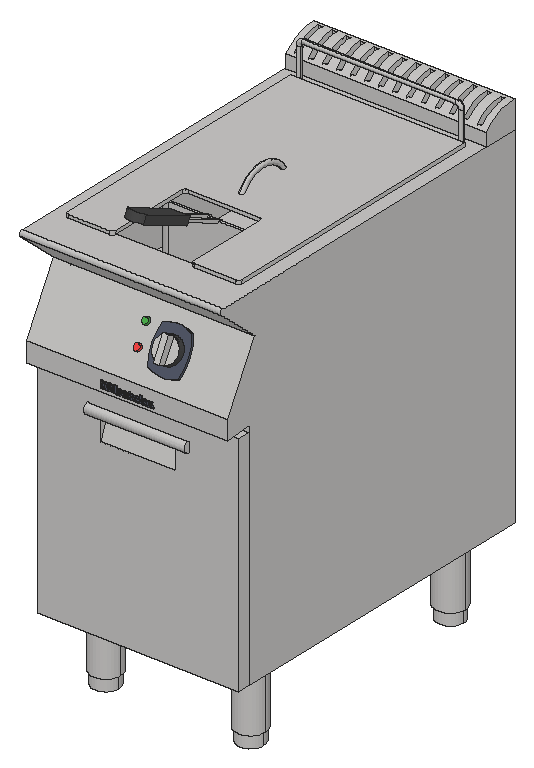
Revit family "QF_ELECTROLUXPROFESSIONAL_371077_E7FRED1BF0", category Specialty Equipment, Revit 2018
Family settings
  Round Connector Dimension = Use Diameter
  Part Type = Normal
  Work Plane-Based = No
  Always vertical = Yes
  Cut with Voids When Loaded = No
  Shared = No
  Room Calculation Point = No
Parameters
  Width = 400 mm  # constant formula
  Weight in Pounds = 88  # constant formula
  Watts = 5400 VA  # 5400 W
  Volts = 400 V  # constant formula
  URL Cutsheet = "www.electrolux.com/foodservice"
  URL = "www.electrolux.com/foodservice"
  Type Mark [instance] = ""
  Status [instance] = ""
  Specification by User [instance] = ""
  Specification by Manufacturer = ""
  Show Logo [instance] = yes
  Show Clearance [instance] = yes
  Serial Number = ""
  Seismic Rating = ""
  SMACNA No = ""
  Revision Code [instance] = ""
  Phase = 3
  Omniclass Number and Title = ""
  Number of Poles [instance] = 1
  NAFEM Spec ID Number = ""
  Model = "371077"
  Min Ckt Ampacity = 0 A
  Max Overcurrent Protection = 0 A
  Masterspec = ""
  Manufacturer = "ELECTROLUX"
  Item Number [instance] = ""
  Installed By [instance] = ""
  Identify Quantity as Lot [instance] = yes
  Height = 333 mm  # constant formula
  HP = "7.2 HP"
  Furnished By [instance] = ""
  Foodservice Equipment Identifier [instance] = yes
  FL Amps = if(Phase = 3, Watts / (Volts * 1.73), Watts / Volts)  # 7.80347 A
  Electrical Remarks [instance] = "400 V/3N ph/50/60 Hz"  # constant formula
  Electric Connection Type [instance] = ""
  Elec Conn RI Height [instance] = 0 mm
  Elec Conn Connection Height [instance] = 0 mm
  Direct Waste Size = 0"
  Description = "700XP One 7 Lt. Well Freestanding Electric Fryer - 400V"
  Depth = 730 mm  # constant formula
  Cycle = if([60 Hertz Option], 60 Hz, 50 Hz)  # 60 Hz
  Conn Plug = ""
  Conn Conduit = yes
  CSI MasterFormat = ""
  CSI Master Format = ""
  Base Height [instance] = 150 mm  # constant formula
  Apparent Power = if(Phase = 3, Volts * FL Amps * 1.73, Volts * FL Amps)  # 5400 VA
  60 Hertz Option = not([50 Hertz Option])  # yes
  50 Hertz Option = no
Reference planes
  plane 1 "BACK": y = 0
  plane 2: z = 0
  plane 3 "LEFT": x = 0
  plane 4 "RIGHT": x = 400
  plane 5 "FRONT": y = -730
  plane 6 "TOP": z = 905.238
  plane 7 "Center Y": x = 200
  plane 8 "Center X": y = -365
  plane 9 "BASE": z = 601
  plane 10 "TOP A": z = 850.238
  plane 11: y = -587.387
  plane 12: y = -90
  plane 13: z = 150
Forms (mm)
  Extrusion 1, solid, material "QF_Finishes_Stainless Steel"
    sketch origin (0, 0, 0) x (0, 1, 0) y (0, 0, 1)
      loop
        line (0, 850.237) -> (-725.027, 850.237)
        arc (-725.027, 850.237) -> (-730.893, 846.318) -> (-729.517, 839.397) r 6.35
        line (-729.517, 839.397) -> (-646.919, 767.047) -> (-713.522, 646.19) -> (-713.522, 608.09) -> (-660.15, 613.7) -> (-660.15, 150) -> (0, 150) -> (0, 850.237)
      loop
        line (-687.137, 601) -> (-687.137, 150) -> (-661.737, 150) -> (-661.737, 601) -> (-687.137, 601)
    from 0 to 400
  Extrusion 2, solid, material "QF_Finishes_Stainless Steel"
    sketch origin (0, 0, 0) x (0, 1, 0) y (0, 0, 1)
      loop
        line (0, 850.238) -> (0, 905.237)
        arc (0, 905.237) -> (-38.078, 897.879) -> (-69.85, 875.637) r 93.057
        line (-69.85, 875.637) -> (-69.85, 850.238) -> (0, 850.238)
    from 0 to 400
  Extrusion 3, void
    sketch origin (0, 0, 850.238) x (-1, 0, 0) y (0, -1, 0)
      loop
        line (-33.338, 90.124) -> (-33.338, 645.265) -> (-366.662, 645.265) -> (-366.662, 90.124) -> (-33.338, 90.124)
    from 0 to -152.4
  Extrusion 4, solid, material "QF_Finishes_Stainless Steel"
    sketch origin (0, 0, 850.238) x (-1, 0, 0) y (0, -1, 0)
      loop
        arc (-26.988, 645.265) -> (-28.847, 649.755) -> (-33.338, 651.615) r 6.35
        line (-33.338, 651.615) -> (-115.863, 651.615)
        arc (-115.863, 651.615) -> (-120.353, 649.755) -> (-122.213, 645.265) r 6.35
        line (-122.213, 645.265) -> (-122.213, 481.012)
        arc (-122.213, 481.012) -> (-124.072, 476.521) -> (-128.563, 474.662) r 6.35
        line (-128.563, 474.662) -> (-271.437, 474.662)
        arc (-271.437, 474.662) -> (-275.928, 476.521) -> (-277.787, 481.012) r 6.35
        line (-277.787, 481.012) -> (-277.787, 645.29)
        arc (-277.787, 645.29) -> (-279.64, 649.762) -> (-284.112, 651.615) r 6.325
        line (-284.112, 651.615) -> (-366.662, 651.615)
        arc (-366.662, 651.615) -> (-371.153, 649.755) -> (-373.013, 645.265) r 6.35
        line (-373.013, 645.265) -> (-373.013, 90.124) -> (-26.988, 90.124) -> (-26.988, 645.265)
    from 0 to 6.35
  Sweep 5, solid, material "QF_Finishes_Stainless Steel"
    path origin (200, 0, 0) x (0, 1, 0) y (0, 0, 1)
      loop
        arc (-323.261, 850.238) -> (-377.7, 884.016) -> (-432.139, 850.238) r 60.757
    profile origin (200, -377.7, 884.016) x (0, 0, -1) y (1, 0, 0)
      loop
        circle (0, 0) r 4.353
  Sweep 6, solid, material "QF_Finishes_Stainless Steel"
    path origin (0, 0, 0) x (1, 0, 0) y (0, 0, 1)
      loop
        line (39.688, 846.5) -> (39.688, 911.588)
        arc (39.688, 911.588) -> (41.547, 916.078) -> (46.038, 917.938) r 6.35
        line (46.038, 917.938) -> (352.225, 917.938)
        arc (352.225, 917.938) -> (356.715, 916.078) -> (358.575, 911.588) r 6.35
        line (358.575, 911.588) -> (358.575, 846.5)
    profile origin (39.688, 0, 879.044) x (-1, 0, 0) y (0, -1, 0)
      loop
        circle (2.09, 83.254) r 3.827
  Extrusion 7, void
    sketch origin (0, 0, 850.238) x (-1, 0, 0) y (0, -1, 0)
      loop
        line (-13.453, 6.761) -> (-13.453, 63.911) -> (-22.749, 63.911) -> (-22.749, 6.761) -> (-13.453, 6.761)
    from 25.4 to 63.5
  Extrusion 8, void
    sketch origin (400.05, 0, 850.237) x (1, 0, 0) y (0, 1, 0)
      loop
        line (-13.503, -6.761) -> (-22.799, -6.761) -> (-22.799, -63.911) -> (-13.503, -63.911) -> (-13.503, -6.761)
    from 25.4 to 63.5
  Extrusion 9, void
    sketch origin (27.988, 0, 850.238) x (-1, 0, 0) y (0, -1, 0)
      loop
        line (-13.453, 6.761) -> (-13.453, 63.911) -> (-22.749, 63.911) -> (-22.749, 6.761) -> (-13.453, 6.761)
    from 25.4 to 63.5
  Extrusion 10, void
    sketch origin (55.977, 0, 850.238) x (-1, 0, 0) y (0, -1, 0)
      loop
        line (-13.453, 6.761) -> (-13.453, 63.911) -> (-22.749, 63.911) -> (-22.749, 6.761) -> (-13.453, 6.761)
    from 25.4 to 63.5
  Extrusion 11, void
    sketch origin (83.965, 0, 850.238) x (-1, 0, 0) y (0, -1, 0)
      loop
        line (-13.428, 6.761) -> (-13.428, 63.911) -> (-22.724, 63.911) -> (-22.724, 6.761) -> (-13.428, 6.761)
    from 25.4 to 63.5
  Extrusion 12, void
    sketch origin (111.953, 0, 850.237) x (-1, 0, 0) y (0, -1, 0)
      loop
        line (-13.428, 6.761) -> (-13.428, 63.911) -> (-22.724, 63.911) -> (-22.724, 6.761) -> (-13.428, 6.761)
    from 25.4 to 63.5
  Extrusion 13, void
    sketch origin (139.942, 0, 850.237) x (-1, 0, 0) y (0, -1, 0)
      loop
        line (-13.428, 6.761) -> (-13.428, 63.911) -> (-22.724, 63.911) -> (-22.724, 6.761) -> (-13.428, 6.761)
    from 25.4 to 63.5
  Extrusion 14, void
    sketch origin (167.93, 0, 850.237) x (-1, 0, 0) y (0, -1, 0)
      loop
        line (-13.428, 6.761) -> (-13.428, 63.911) -> (-22.724, 63.911) -> (-22.724, 6.761) -> (-13.428, 6.761)
    from 25.4 to 63.5
  Extrusion 15, void
    sketch origin (195.918, 0, 850.237) x (-1, 0, 0) y (0, -1, 0)
      loop
        line (-13.428, 6.761) -> (-13.428, 63.911) -> (-22.724, 63.911) -> (-22.724, 6.761) -> (-13.428, 6.761)
    from 25.4 to 63.5
  Extrusion 16, void
    sketch origin (223.907, 0, 850.237) x (-1, 0, 0) y (0, -1, 0)
      loop
        line (-13.428, 6.761) -> (-13.428, 63.911) -> (-22.724, 63.911) -> (-22.724, 6.761) -> (-13.428, 6.761)
    from 25.4 to 63.5
  Extrusion 17, void
    sketch origin (251.895, 0, 850.237) x (-1, 0, 0) y (0, -1, 0)
      loop
        line (-13.428, 6.761) -> (-13.428, 63.911) -> (-22.724, 63.911) -> (-22.724, 6.761) -> (-13.428, 6.761)
    from 25.4 to 63.5
  Extrusion 18, void
    sketch origin (279.884, 0, 850.237) x (-1, 0, 0) y (0, -1, 0)
      loop
        line (-13.403, 6.761) -> (-13.403, 63.911) -> (-22.699, 63.911) -> (-22.699, 6.761) -> (-13.403, 6.761)
    from 25.4 to 63.5
  Extrusion 19, void
    sketch origin (307.872, 0, 850.237) x (-1, 0, 0) y (0, -1, 0)
      loop
        line (-13.403, 6.761) -> (-13.403, 63.911) -> (-22.699, 63.911) -> (-22.699, 6.761) -> (-13.403, 6.761)
    from 25.4 to 63.5
  Extrusion 20, void
    sketch origin (335.86, 0, 850.237) x (-1, 0, 0) y (0, -1, 0)
      loop
        line (-13.403, 6.761) -> (-13.403, 63.911) -> (-22.699, 63.911) -> (-22.699, 6.761) -> (-13.403, 6.761)
    from 25.4 to 63.5
  Extrusion 21, solid, material "QF_Finishes_Navy Blue"
    sketch origin (99.675, -713.522, 646.19) x (0, 0.482654, 0.875811) y (-1, 0, 0)
      loop
        arc (105.826, -132.614) -> (68.798, -123.683) -> (31.333, -130.552) r 91.794
        arc (31.333, -130.552) -> (24.218, -161.14) -> (31.333, -191.729) r 69.309
        arc (31.333, -191.729) -> (68.788, -198.45) -> (105.826, -189.715) r 93.659
        arc (105.826, -189.715) -> (112.066, -161.165) -> (105.826, -132.614) r 68.434
    from 0 to 3.175
  Extrusion 22, solid, material "QF_Finishes_Stainless Steel"
    sketch origin (99.675, -716.303, 647.723) x (0, 0.482654, 0.875811) y (-1, 0, 0)
      loop
        circle (68.826, -160.963) r 25.4
    from 0 to 12.7
  Extrusion 23, solid, material "QF_Finishes_Stainless Steel"
    sketch origin (99.675, -727.425, 653.853) x (0, 0.482654, 0.875811) y (-1, 0, 0)
      loop
        arc (93.558, -166.749) -> (94.226, -160.963) -> (93.558, -155.177) r 25.4
        line (93.558, -155.177) -> (44.094, -155.177)
        arc (44.094, -155.177) -> (43.426, -160.963) -> (44.094, -166.749) r 25.4
        line (44.094, -166.749) -> (93.558, -166.749)
    from 0 to 12.7
  Extrusion 24, solid, material "QF_Finishes_Green"
    sketch origin (39.327, -713.522, 646.19) x (0, 0.482654, 0.875811) y (-1, 0, 0)
      loop
        circle (98.315, -160.648) r 6.35
    from 0 to 3.175
  Extrusion 25, solid, material "QF_Finishes_Red"
    sketch origin (39.327, -720.158, 634.148) x (0, 0.482654, 0.875811) y (-1, 0, 0)
      loop
        circle (68.272, -160.648) r 6.35
    from 0 to 3.175
  Extrusion 26, solid, material "QF_Finishes_Clearance", visible <- "Show Clearance", detail levels coarse
    sketch origin (0, 0, 0) x (1, 0, 0) y (0, 1, 0)
      loop
        line (0, -731.377) -> (0, 0) -> (400, 0) -> (400, -731.377) -> (550.019, -731.377) -> (550.019, 150.019) -> (-150.019, 150.019) -> (-150.019, -731.377) -> (0, -731.377)
    from 0 to 905.237
  Extrusion 27, solid, material "QF_Finishes_Black"
    sketch origin (265.962, -698.333, 942.26) x (0, 0.906308, -0.422618) y (-1, 0, 0)
      loop
        line (10.103, 47.345) -> (128.716, 47.345) -> (128.716, 84.58) -> (10.103, 84.58)
        arc (10.103, 84.58) -> (-0.124, 65.962) -> (10.103, 47.345) r 22.059
    from -15.884 to 0
  Extrusion 28, solid, material "QF_Finishes_Stainless Steel"
    sketch origin (265.962, 41.275, 0) x (0, 1, 0) y (0, 0, 1)
      loop
        line (-537.413, 741.238) -> (-537.413, 842.715) -> (-624.966, 883.542) -> (-627.65, 877.787) -> (-543.763, 838.67) -> (-543.763, 741.238) -> (-537.413, 741.238)
    from -80.476 to -74.619
  Extrusion 29, solid, material "QF_Finishes_Stainless Steel"
    sketch origin (134.088, 41.275, 0) x (0, 1, 0) y (0, 0, -1)
      loop
        line (-543.763, -838.67) -> (-627.65, -877.787) -> (-624.966, -883.542) -> (-537.413, -842.715) -> (-537.413, -741.238) -> (-543.763, -741.238) -> (-543.763, -838.67)
    from -80.476 to -74.619
  Extrusion 30, solid, material "QF_Finishes_Mesh"
    sketch origin (0, 0, 850.238) x (-1, 0, 0) y (0, -1, 0)
      loop
        arc (-116.6, 131.498) -> (-98.64, 138.937) -> (-91.2, 156.898) r 25.4
        line (-91.2, 156.898) -> (-91.2, 481.11)
        arc (-91.2, 481.11) -> (-98.64, 499.071) -> (-116.6, 506.51) r 25.4
        line (-116.6, 506.51) -> (-294.375, 506.51)
        arc (-294.375, 506.51) -> (-312.336, 499.071) -> (-319.775, 481.11) r 25.4
        line (-319.775, 481.11) -> (-319.775, 156.898)
        arc (-319.775, 156.898) -> (-312.336, 138.937) -> (-294.375, 131.498) r 25.4
        line (-294.375, 131.498) -> (-116.6, 131.498)
      loop
        arc (-116.6, 134.673) -> (-100.885, 141.182) -> (-94.375, 156.898) r 22.225
        line (-94.375, 156.898) -> (-94.375, 481.11)
        arc (-94.375, 481.11) -> (-100.885, 496.826) -> (-116.6, 503.335) r 22.225
        line (-116.6, 503.335) -> (-294.375, 503.335)
        arc (-294.375, 503.335) -> (-310.091, 496.826) -> (-316.6, 481.11) r 22.225
        line (-316.6, 481.11) -> (-316.6, 156.898)
        arc (-316.6, 156.898) -> (-310.091, 141.182) -> (-294.375, 134.673) r 22.225
        line (-294.375, 134.673) -> (-116.6, 134.673)
    from -109 to -5.315
  Revolve 31, solid, material "QF_Finishes_Stainless Steel"
    sketch origin (0, -587.387, 608.09) x (0, 0, 1) y (-1, 0, 0)
      loop
        line (-608.09, -56) -> (-458.09, -56) -> (-458.09, -26) -> (-583.09, -26) -> (-583.09, -29.75) -> (-608.09, -29.75) -> (-608.09, -56)
      axis (-608.09, -56) -> (-458.09, -56)
    angle from 0 to 360
  Revolve 32, solid, material "QF_Finishes_Stainless Steel"
    sketch origin (400.05, -587.387, 608.09) x (0, 0, 1) y (-1, 0, 0)
      loop
        line (-608.09, 56.05) -> (-608.09, 29.8) -> (-583.09, 29.8) -> (-583.09, 26.05) -> (-458.09, 26.05) -> (-458.09, 56.05) -> (-608.09, 56.05)
      axis (-608.09, 56.05) -> (-458.09, 56.05)
    angle from 0 to 360
  Revolve 33, solid, material "QF_Finishes_Stainless Steel"
    sketch origin (0, -90, 608.09) x (0, 0, 1) y (-1, 0, 0)
      loop
        line (-608.09, -56) -> (-458.09, -56) -> (-458.09, -26) -> (-583.09, -26) -> (-583.09, -29.75) -> (-608.09, -29.75) -> (-608.09, -56)
      axis (-608.09, -56) -> (-458.09, -56)
    angle from 0 to 360
  Revolve 34, solid, material "QF_Finishes_Stainless Steel"
    sketch origin (400.05, -90, 608.09) x (0, 0, 1) y (-1, 0, 0)
      loop
        line (-608.09, 56.05) -> (-608.09, 29.8) -> (-583.09, 29.8) -> (-583.09, 26.05) -> (-458.09, 26.05) -> (-458.09, 56.05) -> (-608.09, 56.05)
      axis (-608.09, 56.05) -> (-458.09, 56.05)
    angle from 0 to 360
  Extrusion 35, void
    sketch origin (200, 0, 0) x (0, 1, 0) y (0, 0, 1)
      loop
        line (-687.137, 541) -> (-687.137, 499.788) -> (-672.137, 541) -> (-687.137, 541)
    from -75 to 75
  Extrusion 36, solid, material "QF_Finishes_Stainless Steel"
    sketch origin (200, 0, 0) x (0, 1, 0) y (0, 0, 1)
      loop
        line (-687.137, 541) -> (-687.137, 561)
        arc (-687.137, 561) -> (-697.137, 551) -> (-687.137, 541) r 10
    from -100 to 100
  Extrusion 37, solid, material "QF_Finishes_Door Clearance", visible <- "Show Clearance", detail levels coarse
    sketch origin (0, 0, 850.238) x (-1, 0, 0) y (0, -1, 0)
      loop
        arc (0, 687.137) -> (-117.157, 969.98) -> (-400, 1087.137) r 400
        line (-400, 1087.137) -> (-400, 687.137) -> (0, 687.137)
    from -700.237 to -249.237
  Extrusion 38, solid, material "QF_Finishes_Stainless Steel"
    sketch origin (-77.88, -4572, 601) x (-1, 0, 0) y (0, -1, 0)
      loop
        circle (-425.88, -4067) r 12.7
    from 0 to -12.7
  Extrusion 39, solid, material "QF_Finishes_Navy Blue", visible <- "Show Logo"
    sketch origin (-140, -713.772, 608.09) x (0, 0, 1) y (-1, 0, 0)
      loop
        line (20.674, -296.698) -> (8.307, -296.698)
        arc (8.307, -296.698) -> (14.491, -301.27) -> (20.674, -296.698) r 6.467
      loop
        arc (20.674, -296.069) -> (19.505, -290.926) -> (14.849, -288.448) r 6.338
        line (14.849, -288.448) -> (14.849, -290.494)
        arc (14.849, -290.494) -> (16.333, -294.149) -> (19.778, -296.069) r 5.941
        line (19.778, -296.069) -> (20.674, -296.069)
      loop
        arc (9.203, -296.069) -> (12.648, -294.149) -> (14.132, -290.494) r 5.941
        line (14.132, -290.494) -> (14.132, -288.448)
        arc (14.132, -288.448) -> (9.438, -290.922) -> (8.148, -296.069) r 6.504
        line (8.148, -296.069) -> (9.203, -296.069)
      loop
        line (21.349, -287.979) -> (7.604, -287.979) -> (7.604, -301.742) -> (21.349, -301.742) -> (21.349, -287.979)
      loop
        arc (21.432, -304.71) -> (21.085, -304.352) -> (20.718, -304.69) r 0.358
        arc (20.718, -304.69) -> (20.404, -305.44) -> (19.687, -305.825) r 1.216
        line (19.687, -305.825) -> (9.274, -305.825)
        arc (9.274, -305.825) -> (8.614, -305.548) -> (8.218, -304.951) r 1.238
        arc (8.218, -304.951) -> (7.823, -304.7) -> (7.518, -305.054) r 0.358
        line (7.518, -305.054) -> (7.518, -314.933) -> (10.269, -314.933) -> (10.269, -314.036)
        arc (10.269, -314.036) -> (9.36, -313.456) -> (8.904, -312.479) r 1.928
        line (8.904, -312.479) -> (8.904, -309.98)
        arc (8.904, -309.98) -> (9.18, -309.251) -> (9.868, -308.887) r 1.101
        line (9.868, -308.887) -> (13.955, -308.887) -> (13.955, -312.561)
        arc (13.955, -312.561) -> (13.602, -313.058) -> (13.037, -313.286) r 1.083
        arc (13.037, -313.286) -> (12.773, -313.591) -> (13.065, -313.869) r 0.292
        line (13.065, -313.869) -> (16.028, -313.869)
        arc (16.028, -313.869) -> (16.33, -313.596) -> (16.092, -313.266) r 0.305
        arc (16.092, -313.266) -> (15.601, -313.018) -> (15.296, -312.561) r 1.083
        line (15.296, -312.561) -> (15.296, -308.887) -> (19.973, -308.887) -> (19.973, -312.635)
        arc (19.973, -312.635) -> (19.759, -313.39) -> (19.153, -313.888) r 1.314
        arc (19.153, -313.888) -> (18.934, -314.292) -> (19.288, -314.585) r 0.361
        line (19.288, -314.585) -> (21.432, -314.585) -> (21.432, -304.71)
      loop
        arc (20.715, -315.365) -> (20.335, -316.284) -> (19.416, -316.664) r 1.299
        line (19.416, -316.664) -> (9.837, -316.664)
        arc (9.837, -316.664) -> (8.999, -316.286) -> (8.728, -315.408) r 1.118
        line (8.728, -315.408) -> (7.518, -315.408) -> (7.518, -320.758) -> (8.706, -320.758)
        arc (8.706, -320.758) -> (8.978, -319.841) -> (9.848, -319.445) r 1.153
        line (9.848, -319.445) -> (21.92, -319.445) -> (20.715, -315.365)
      loop
        line (12.483, -323.394) -> (12.483, -329.842) -> (13.282, -329.842)
        arc (13.282, -329.842) -> (15.862, -328.857) -> (17.131, -326.404) r 3.874
        line (17.131, -326.404) -> (17.131, -324.643)
        arc (17.131, -324.643) -> (15.944, -321.778) -> (13.08, -320.592) r 4.051
        line (13.08, -320.592) -> (11.072, -320.592)
        arc (11.072, -320.592) -> (8.253, -322.077) -> (7.202, -325.084) r 4.352
        arc (7.202, -325.084) -> (7.566, -327.547) -> (8.943, -329.621) r 5.713
        line (8.943, -329.621) -> (9.892, -329.621)
        arc (9.892, -329.621) -> (9.16, -328.052) -> (8.943, -326.334) r 5.579
        arc (8.943, -326.334) -> (9.737, -324.371) -> (11.616, -323.394) r 3.057
        line (11.616, -323.394) -> (12.483, -323.394)
      loop
        line (13.742, -323.394) -> (13.742, -326.977)
        arc (13.742, -326.977) -> (15.199, -327.024) -> (16.082, -325.864) r 1.59
        line (16.082, -325.864) -> (16.082, -325.034)
        arc (16.082, -325.034) -> (15.217, -323.779) -> (13.742, -323.394) r 2.184
      loop
        arc (16.533, -339.259) -> (17.022, -337.585) -> (17.179, -335.848) r 9.023
        line (17.179, -335.848) -> (17.179, -334.486)
        arc (17.179, -334.486) -> (16.02, -331.686) -> (13.22, -330.527) r 3.959
        line (13.22, -330.527) -> (10.62, -330.527)
        arc (10.62, -330.527) -> (8.338, -331.819) -> (7.221, -334.192) r 4.331
        line (7.221, -334.192) -> (7.221, -336.327)
        arc (7.221, -336.327) -> (7.729, -337.877) -> (8.651, -339.223) r 5.772
        arc (8.651, -339.223) -> (9.412, -339.274) -> (9.499, -338.515) r 0.553
        arc (9.499, -338.515) -> (9.111, -337.781) -> (8.977, -336.962) r 2.573
        line (8.977, -336.962) -> (8.977, -335.447)
        arc (8.977, -335.447) -> (9.983, -333.806) -> (11.798, -333.163) r 2.884
        line (11.798, -333.163) -> (13.077, -333.163)
        arc (13.077, -333.163) -> (14.898, -333.723) -> (15.824, -335.388) r 2.554
        line (15.824, -335.388) -> (15.824, -336.441)
        arc (15.824, -336.441) -> (15.493, -337.369) -> (14.836, -338.104) r 2.564
        arc (14.836, -338.104) -> (14.614, -338.821) -> (15.223, -339.259) r 0.643
        line (15.223, -339.259) -> (16.533, -339.259)
      loop
        line (15.515, -339.53) -> (15.515, -341.031) -> (9.467, -341.031)
        arc (9.467, -341.031) -> (7.879, -341.688) -> (7.221, -343.276) r 2.246
        line (7.221, -343.276) -> (7.221, -344.86)
        arc (7.221, -344.86) -> (7.535, -345.725) -> (8.035, -346.496) r 4.06
        arc (8.035, -346.496) -> (8.768, -346.629) -> (9.019, -345.928) r 0.576
        arc (9.019, -345.928) -> (8.913, -345.403) -> (8.977, -344.87) r 1.69
        arc (8.977, -344.87) -> (9.519, -344.082) -> (10.425, -343.779) r 1.506
        line (10.425, -343.779) -> (15.563, -343.779) -> (15.563, -346.176) -> (16.119, -346.733) -> (16.941, -346.733) -> (16.941, -343.873) -> (20.172, -343.873) -> (15.515, -339.53)
      loop
        line (7.438, -347.63) -> (7.438, -353.017) -> (8.548, -353.017)
        arc (8.548, -353.017) -> (8.942, -352.066) -> (9.893, -351.672) r 1.345
        line (9.893, -351.672) -> (13.509, -351.672)
        arc (13.509, -351.672) -> (14.274, -352.264) -> (14.564, -353.186) r 1.615
        line (14.564, -353.186) -> (14.564, -354.742) -> (17.119, -355.427) -> (17.119, -354.044) -> (15.177, -351.485) -> (17.057, -351.485) -> (16.773, -348.779)
        arc (16.773, -348.779) -> (16.333, -348.249) -> (15.674, -348.45) r 0.621
        arc (15.674, -348.45) -> (15.274, -348.792) -> (14.78, -348.975) r 1.501
        line (14.78, -348.975) -> (9.893, -348.975)
        arc (9.893, -348.975) -> (8.942, -348.581) -> (8.548, -347.63) r 1.345
        line (8.548, -347.63) -> (7.438, -347.63)
      loop
        line (13.54, -354.964) -> (10.848, -354.964)
        arc (10.848, -354.964) -> (8.403, -356.272) -> (7.269, -358.803) r 4.288
        arc (7.269, -358.803) -> (7.205, -360.183) -> (7.269, -361.563) r 15.022
        arc (7.269, -361.563) -> (8.403, -364.094) -> (10.848, -365.401) r 4.288
        line (10.848, -365.401) -> (13.54, -365.401)
        arc (13.54, -365.401) -> (15.986, -364.094) -> (17.119, -361.563) r 4.288
        arc (17.119, -361.563) -> (17.183, -360.183) -> (17.119, -358.803) r 15.022
        arc (17.119, -358.803) -> (15.986, -356.272) -> (13.54, -354.964) r 4.288
      loop
        line (13.745, -358.078) -> (10.643, -358.078)
        arc (10.643, -358.078) -> (8.486, -360.235) -> (10.643, -362.392) r 2.157
        line (10.643, -362.392) -> (13.745, -362.392)
        arc (13.745, -362.392) -> (15.902, -360.235) -> (13.745, -358.078) r 2.157
      loop
        arc (20.726, -365.26) -> (20.355, -366.154) -> (19.461, -366.524) r 1.264
        line (19.461, -366.524) -> (9.597, -366.524)
        arc (9.597, -366.524) -> (8.727, -366.127) -> (8.455, -365.211) r 1.153
        line (8.455, -365.211) -> (7.518, -365.211) -> (7.518, -370.319) -> (8.446, -370.319)
        arc (8.446, -370.319) -> (8.805, -369.547) -> (9.597, -369.232) r 1.153
        line (9.597, -369.232) -> (21.92, -369.232) -> (20.726, -365.26)
      loop
        arc (15.846, -369.857) -> (15.647, -370.921) -> (14.678, -371.403) r 1.215
        line (14.678, -371.403) -> (9.658, -371.403)
        arc (9.658, -371.403) -> (8.043, -372.051) -> (7.322, -373.634) r 2.338
        line (7.322, -373.634) -> (7.322, -375.148)
        arc (7.322, -375.148) -> (7.497, -376.152) -> (7.999, -377.038) r 2.979
        line (7.999, -377.038) -> (7.518, -378.835) -> (7.518, -380.524) -> (16.943, -380.524) -> (16.649, -376.32) -> (15.863, -376.32)
        arc (15.863, -376.32) -> (15.507, -377.156) -> (14.755, -377.665) r 1.605
        line (14.755, -377.665) -> (9.652, -377.665)
        arc (9.652, -377.665) -> (9.232, -376.728) -> (9.159, -375.704) r 2.94
        arc (9.159, -375.704) -> (9.72, -374.603) -> (10.873, -374.16) r 1.724
        line (10.873, -374.16) -> (17.07, -374.16) -> (15.846, -369.857)
      loop
        line (16.874, -381.377) -> (15.202, -383.423) -> (12.028, -385.729) -> (8.572, -382.617)
        arc (8.572, -382.617) -> (8.335, -382.223) -> (8.357, -381.764) r 0.789
        line (8.357, -381.764) -> (7.518, -381.764) -> (7.518, -385.309) -> (8.344, -385.309)
        arc (8.344, -385.309) -> (8.686, -384.947) -> (9.176, -385.039) r 0.52
        line (9.176, -385.039) -> (10.976, -386.51) -> (8.858, -387.886)
        arc (8.858, -387.886) -> (8.457, -387.576) -> (8.37, -387.076) r 0.7
        line (8.37, -387.076) -> (7.518, -387.076) -> (7.518, -393.003) -> (8.405, -393.003)
        arc (8.405, -393.003) -> (8.472, -392.344) -> (8.866, -391.813) r 1.247
        line (8.866, -391.813) -> (13.066, -388.532) -> (15.513, -390.585) -> (16.874, -392.327) -> (16.874, -388.604) -> (15.389, -389.026) -> (13.868, -387.749) -> (15.568, -386.559) -> (16.874, -387.336) -> (16.874, -381.377)
    from 0 to 1.644
Cuts and joins
  Extrusion 3, Extrusion 7, Extrusion 35 cuts Extrusion 1
  joined: Extrusion 4, Sweep 5
  Extrusion 7, Extrusion 8, Extrusion 9, Extrusion 10, Extrusion 11, Extrusion 12, Extrusion 13, Extrusion 14, Extrusion 15, Extrusion 16, Extrusion 17, Extrusion 18, Extrusion 19, Extrusion 20 cuts Extrusion 2
  joined: Extrusion 22, Extrusion 23
  Extrusion 35 cuts Extrusion 26
Lines and regions (mm)
  symbolic lines, style "QF-Clearances", visible <- "Show Clearance", detail levels coarse
    curve 1: line (-150.019, 150.019, 850.238) -> (-150.019, -731.377, 850.238)
    curve 2: line (550.019, 150.019, 850.237) -> (-150.019, 150.019, 850.238)
    curve 3: line (550.019, -731.377, 850.237) -> (550.019, 150.019, 850.237)
  symbolic lines
    curve 4: line (0, 0, 850.238) -> (400, 0, 850.237)
    curve 5: line (0, -730, 850.238) -> (0, 0, 850.238)
    curve 6: line (400, 0, 850.237) -> (400, -730, 850.237)
    curve 7: line (22.724, -6.761, 850.238) -> (22.724, -63.911, 850.238)
    curve 8: line (22.724, -63.911, 850.238) -> (13.428, -63.911, 850.238)
    curve 9: line (13.428, -63.911, 850.238) -> (13.428, -6.761, 850.238)
    curve 10: line (13.428, -6.761, 850.238) -> (22.724, -6.761, 850.238)
    curve 11: line (386.547, -6.761, 850.237) -> (386.547, -63.911, 850.237)
    curve 12: line (386.547, -63.911, 850.237) -> (377.251, -63.911, 850.237)
    curve 13: line (377.251, -63.911, 850.237) -> (377.251, -6.761, 850.237)
    curve 14: line (377.251, -6.761, 850.237) -> (386.547, -6.761, 850.237)
    curve 15: line (50.712, -6.761, 850.238) -> (50.712, -63.911, 850.238)
    curve 16: line (50.712, -63.911, 850.238) -> (41.416, -63.911, 850.238)
    curve 17: line (41.416, -63.911, 850.238) -> (41.416, -6.761, 850.238)
    curve 18: line (41.416, -6.761, 850.238) -> (50.712, -6.761, 850.238)
    curve 19: line (78.7, -6.761, 850.238) -> (78.7, -63.911, 850.238)
    curve 20: line (78.7, -63.911, 850.238) -> (69.405, -63.911, 850.238)
    curve 21: line (69.405, -63.911, 850.238) -> (69.405, -6.761, 850.238)
    curve 22: line (69.405, -6.761, 850.238) -> (78.7, -6.761, 850.238)
    curve 23: line (106.689, -6.761, 850.237) -> (106.689, -63.911, 850.237)
    curve 24: line (106.689, -63.911, 850.237) -> (97.393, -63.911, 850.238)
    curve 25: line (97.393, -63.911, 850.238) -> (97.393, -6.761, 850.238)
    curve 26: line (97.393, -6.761, 850.238) -> (106.689, -6.761, 850.237)
    curve 27: line (134.677, -6.761, 850.237) -> (134.677, -63.911, 850.237)
    curve 28: line (134.677, -63.911, 850.237) -> (125.381, -63.911, 850.237)
    curve 29: line (125.381, -63.911, 850.237) -> (125.381, -6.761, 850.237)
    curve 30: line (125.381, -6.761, 850.237) -> (134.677, -6.761, 850.237)
    curve 31: line (162.665, -6.761, 850.237) -> (162.665, -63.911, 850.237)
    curve 32: line (162.665, -63.911, 850.237) -> (153.37, -63.911, 850.237)
    curve 33: line (153.37, -63.911, 850.237) -> (153.37, -6.761, 850.237)
    curve 34: line (153.37, -6.761, 850.237) -> (162.665, -6.761, 850.237)
    curve 35: line (190.654, -6.761, 850.237) -> (190.654, -63.911, 850.237)
    curve 36: line (190.654, -63.911, 850.237) -> (181.358, -63.911, 850.237)
    curve 37: line (181.358, -63.911, 850.237) -> (181.358, -6.761, 850.237)
    curve 38: line (181.358, -6.761, 850.237) -> (190.654, -6.761, 850.237)
    curve 39: line (218.642, -6.761, 850.237) -> (218.642, -63.911, 850.237)
    curve 40: line (218.642, -63.911, 850.237) -> (209.346, -63.911, 850.237)
    curve 41: line (209.346, -63.911, 850.237) -> (209.346, -6.761, 850.237)
    curve 42: line (209.346, -6.761, 850.237) -> (218.642, -6.761, 850.237)
    curve 43: line (246.605, -6.761, 850.237) -> (246.605, -63.911, 850.237)
    curve 44: line (246.605, -63.911, 850.237) -> (237.31, -63.911, 850.237)
    curve 45: line (237.31, -63.911, 850.237) -> (237.31, -6.761, 850.237)
    curve 46: line (237.31, -6.761, 850.237) -> (246.605, -6.761, 850.237)
    curve 47: line (274.594, -6.761, 850.237) -> (274.594, -63.911, 850.237)
    curve 48: line (274.594, -63.911, 850.237) -> (265.298, -63.911, 850.237)
    curve 49: line (265.298, -63.911, 850.237) -> (265.298, -6.761, 850.237)
    curve 50: line (265.298, -6.761, 850.237) -> (274.594, -6.761, 850.237)
    curve 51: line (302.582, -6.761, 850.237) -> (302.582, -63.911, 850.237)
    curve 52: line (302.582, -63.911, 850.237) -> (293.286, -63.911, 850.237)
    curve 53: line (293.286, -63.911, 850.237) -> (293.286, -6.761, 850.237)
    curve 54: line (293.286, -6.761, 850.237) -> (302.582, -6.761, 850.237)
    curve 55: line (330.57, -6.761, 850.237) -> (330.57, -63.911, 850.237)
    curve 56: line (330.57, -63.911, 850.237) -> (321.275, -63.911, 850.237)
    curve 57: line (321.275, -63.911, 850.237) -> (321.275, -6.761, 850.237)
    curve 58: line (321.275, -6.761, 850.237) -> (330.57, -6.761, 850.237)
    curve 59: line (358.559, -6.761, 850.237) -> (358.559, -63.911, 850.237)
    curve 60: line (358.559, -63.911, 850.237) -> (349.263, -63.911, 850.237)
    curve 61: line (349.263, -63.911, 850.237) -> (349.263, -6.761, 850.237)
    curve 62: line (349.263, -6.761, 850.237) -> (358.559, -6.761, 850.237)
    curve 63: line (26.988, -90.124, 850.238) -> (26.988, -645.265, 850.238)
    curve 64: arc (26.988, -645.265, 850.238) -> (28.847, -649.755, 850.238) -> (33.338, -651.615, 850.238) r 6.35
    curve 65: line (33.338, -651.615, 850.238) -> (115.863, -651.615, 850.237)
    curve 66: arc (115.863, -651.615, 850.237) -> (120.353, -649.755, 850.237) -> (122.213, -645.265, 850.237) r 6.35
    curve 67: line (122.213, -645.265, 850.237) -> (122.213, -481.012, 850.237)
    curve 68: arc (122.213, -481.012, 850.237) -> (124.072, -476.521, 850.237) -> (128.563, -474.662, 850.237) r 6.35
    curve 69: line (128.563, -474.662, 850.237) -> (271.412, -474.662, 850.237)
    curve 70: arc (271.412, -474.662, 850.237) -> (275.903, -476.521, 850.237) -> (277.762, -481.012, 850.237) r 6.35
    curve 71: line (277.763, -481.012, 850.237) -> (277.763, -645.265, 850.237)
    curve 72: arc (277.763, -645.265, 850.237) -> (279.622, -649.755, 850.237) -> (284.113, -651.615, 850.237) r 6.35
    curve 73: line (284.113, -651.615, 850.237) -> (366.663, -651.615, 850.237)
    curve 74: arc (366.663, -651.615, 850.237) -> (371.153, -649.755, 850.237) -> (373.013, -645.265, 850.237) r 6.35
    curve 75: line (373.013, -645.265, 850.237) -> (373.013, -90.124, 850.237)
    curve 76: line (373.013, -90.124, 850.237) -> (26.988, -90.124, 850.238)
    curve 77: line (31.725, -69.85, 850.238) -> (0, -69.85, 850.238)
    curve 78: line (0, -69.85, 850.238) -> (0, -63.012, 850.238)
    curve 79: line (0, -69.85, 850.238) -> (400, -69.85, 850.237)
    curve 80: line (201.587, -90.124, 850.237) -> (366.663, -90.124, 850.237)
    curve 81: line (33.313, -90.124, 850.238) -> (198.413, -90.124, 850.237)
    curve 82: line (218.617, -695.889, 850.237) -> (218.617, -581.677, 850.237)
    curve 83: line (181.383, -581.677, 850.237) -> (181.383, -695.889, 850.237)
    curve 84: line (218.617, -581.677, 850.237) -> (181.383, -581.677, 850.237)
    curve 85: spline (218.617, -695.889, 850.237) -> (216.385, -698.551, 850.237) -> (213.694, -700.839, 850.237) -> (210.621, -702.688, 850.237) -> (207.25, -704.047, 850.237) -> (203.676, -704.878, 850.237) -> (200, -705.158, 850.237) -> (196.324, -704.878, 850.237) -> (192.75, -704.047, 850.237) -> (189.379, -702.688, 850.237) -> (186.306, -700.839, 850.237) -> (183.615, -698.551, 850.237) -> (181.383, -695.889, 850.237)
    curve 86: line (218.617, -645.265, 850.237) -> (277.763, -645.265, 850.237)
    curve 87: line (181.383, -645.265, 850.237) -> (122.213, -645.265, 850.237)
    curve 88: line (191.318, -506.51, 850.237) -> (191.318, -581.677, 850.237)
    curve 89: line (185.462, -581.677, 850.237) -> (185.462, -506.51, 850.237)
    curve 90: line (214.538, -506.51, 850.237) -> (214.538, -581.677, 850.237)
    curve 91: line (208.682, -581.677, 850.237) -> (208.682, -506.51, 850.237)
    curve 92: spline (181.383, -689.176, 850.237) -> (183.615, -691.839, 850.237) -> (186.306, -694.126, 850.237) -> (189.379, -695.976, 850.237) -> (192.75, -697.335, 850.237) -> (196.324, -698.166, 850.237) -> (200, -698.445, 850.237) -> (203.676, -698.166, 850.237) -> (207.25, -697.335, 850.237) -> (210.621, -695.976, 850.237) -> (213.694, -694.126, 850.237) -> (216.385, -691.839, 850.237) -> (218.617, -689.176, 850.237)
    curve 93: line (195.545, -428.432, 850.237) -> (195.545, -326.969, 850.237)
    curve 94: line (204.443, -326.969, 850.237) -> (204.443, -428.432, 850.237)
    curve 95: arc (195.545, -428.432, 850.237) -> (199.994, -432.882, 850.237) -> (204.443, -428.432, 850.237) r 4.449
    curve 96: arc (195.545, -326.969, 850.237) -> (199.994, -322.52, 850.237) -> (204.443, -326.969, 850.237) r 4.449
    curve 97: line (400, -730, 850.237) -> (0, -730, 850.238)
    curve 98: line (37.573, -79.289, 850.238) -> (362.402, -79.289, 850.237)
    curve 99: line (37.573, -86.944, 850.238) -> (37.573, -79.289, 850.238)
    curve 100: line (362.402, -86.944, 850.237) -> (37.573, -86.944, 850.238)
    curve 101: line (362.402, -79.289, 850.237) -> (362.402, -86.944, 850.237)
    curve 102: line (122.213, -506.51, 850.237) -> (277.763, -506.51, 850.237)
    curve 103: line (122.213, -503.335, 850.237) -> (277.763, -503.335, 850.237)
  symbolic lines, style "QF-Door Swings"
    curve 104: arc (2.303, -730, 850.238) -> (19.743, -811.254, 850.238) -> (53.597, -887.15, 850.238) r 400
    curve 105: line (53.597, -887.15, 850.238) -> (325.76, -730, 850.237)
Dimensions and locks
  equal spacing: plane 3 "LEFT", plane 7 "Center Y", plane 4 "RIGHT"
  "Width": plane 3 "LEFT" to plane 4 "RIGHT"
  equal spacing: plane 5 "FRONT", plane 8 "Center X", plane 1 "BACK"
  "Depth": plane 5 "FRONT" to plane 1 "BACK"
  plane 1 "BACK" to plane 5 "FRONT" = 730 mm
  locked: plane 10 "TOP A" to plane 9 "BASE" at 249.238
  locked: plane 6 "TOP" to plane 10 "TOP A" at 55
  "Base Height": plane 13 to level
  plane 10 "TOP A" to plane 13 = 700.237 mm
  aligned and locked: level to plane 2
  aligned and locked: plane 4 "RIGHT" to Extrusion 1
  aligned and locked: plane 4 "RIGHT" to Extrusion 2
  aligned and locked: plane 6 "TOP" to Extrusion 26
  aligned and locked: plane 10 "TOP A" to Extrusion 2 sketch curve
Automatic sketch dimensions
  Extrusion 2 sketch curve to plane 1 "BACK" = 0 mm
  Extrusion 2 sketch curve to plane 6 "TOP" = 0 mm
  plane 1 "BACK" to Extrusion 2 sketch curve = 1.769 mm
  plane 10 "TOP A" to Extrusion 2 sketch curve = 25.4 mm
  plane 1 "BACK" to Extrusion 2 sketch curve = 69.85 mm
  plane 12 to Extrusion 3 sketch curve = 0.124 mm
  Extrusion 3 sketch curve to plane 4 "RIGHT" = 33.337 mm
  plane 3 "LEFT" to Extrusion 3 sketch curve = 33.338 mm
  plane 11 to Extrusion 3 sketch curve = 57.877 mm
  plane 12 to Extrusion 4 sketch curve = 0.124 mm
  Extrusion 4 sketch curve to plane 4 "RIGHT" = 26.987 mm
  Extrusion 4 sketch curve to Extrusion 4 sketch curve = 6.35 mm  (x3)
  Extrusion 4 sketch curve to Extrusion 4 sketch curve = 82.55 mm
  plane 7 "Center Y" to Extrusion 4 sketch curve = 77.787 mm
  Extrusion 4 sketch curve to plane 7 "Center Y" = 71.437 mm
  Extrusion 4 sketch curve to plane 7 "Center Y" = 77.787 mm
  plane 3 "LEFT" to Extrusion 4 sketch curve = 33.338 mm
  plane 3 "LEFT" to Extrusion 4 sketch curve = 26.988 mm
  Extrusion 4 sketch curve to plane 8 "Center X" = 109.662 mm
  plane 11 to Extrusion 4 sketch curve = 57.877 mm  (x2)
  Sweep 5 sketch curve to plane 10 "TOP A" = 0 mm  (x2)
  Sweep 5 sketch curve to plane 8 "Center X" = 67.139 mm
  Sweep 5 sketch curve to plane 8 "Center X" = 12.7 mm
  Sweep 5 sketch curve to plane 10 "TOP A" = 26.978 mm
  Sweep 5 sketch curve to plane 7 "Center Y" = 0 mm
  Sweep 5 sketch curve to profile plane = 0 mm
  plane 6 "TOP" to Sweep 6 sketch curve = 6.35 mm  (x2)
  plane 3 "LEFT" to Sweep 6 sketch curve = 39.688 mm
  Sweep 6 sketch curve to Sweep 6 sketch curve = 6.35 mm
  Sweep 6 sketch curve to plane 4 "RIGHT" = 47.775 mm
  Sweep 6 sketch curve to plane 10 "TOP A" = 3.737 mm  (x2)
  Sweep 6 sketch curve to profile plane = 2.09 mm
  plane 1 "BACK" to Sweep 6 sketch curve = 83.254 mm
  plane 1 "BACK" to Extrusion 7 sketch curve = 6.761 mm
  plane 3 "LEFT" to Extrusion 7 sketch curve = 22.749 mm
  Extrusion 7 sketch curve to Extrusion 7 sketch curve = 9.296 mm
  Extrusion 7 sketch curve to Extrusion 7 sketch curve = 57.15 mm
  Extrusion 8 sketch curve to plane 1 "BACK" = 6.761 mm
  plane 4 "RIGHT" to Extrusion 8 sketch curve = 22.749 mm
  Extrusion 8 sketch curve to Extrusion 8 sketch curve = 9.296 mm
  Extrusion 8 sketch curve to Extrusion 8 sketch curve = 57.15 mm
  plane 1 "BACK" to Extrusion 9 sketch curve = 6.761 mm
  plane 3 "LEFT" to Extrusion 9 sketch curve = 50.737 mm
  Extrusion 9 sketch curve to Extrusion 9 sketch curve = 9.296 mm
  Extrusion 9 sketch curve to Extrusion 9 sketch curve = 57.15 mm
  plane 1 "BACK" to Extrusion 10 sketch curve = 6.761 mm
  plane 3 "LEFT" to Extrusion 10 sketch curve = 78.725 mm
  Extrusion 10 sketch curve to Extrusion 10 sketch curve = 9.296 mm
  Extrusion 10 sketch curve to Extrusion 10 sketch curve = 57.15 mm
  plane 1 "BACK" to Extrusion 11 sketch curve = 6.761 mm
  Extrusion 11 sketch curve to plane 7 "Center Y" = 93.311 mm
  Extrusion 11 sketch curve to Extrusion 11 sketch curve = 9.296 mm
  Extrusion 11 sketch curve to Extrusion 11 sketch curve = 57.15 mm
  plane 1 "BACK" to Extrusion 12 sketch curve = 6.761 mm
  Extrusion 12 sketch curve to plane 7 "Center Y" = 65.323 mm
  Extrusion 12 sketch curve to Extrusion 12 sketch curve = 9.296 mm
  Extrusion 12 sketch curve to Extrusion 12 sketch curve = 57.15 mm
  plane 1 "BACK" to Extrusion 13 sketch curve = 6.761 mm
  Extrusion 13 sketch curve to plane 7 "Center Y" = 37.335 mm
  Extrusion 13 sketch curve to Extrusion 13 sketch curve = 9.296 mm
  Extrusion 13 sketch curve to Extrusion 13 sketch curve = 57.15 mm
  Extrusion 14 sketch curve to plane 7 "Center Y" = 9.346 mm
  Extrusion 14 sketch curve to Extrusion 14 sketch curve = 9.296 mm
  plane 1 "BACK" to Extrusion 14 sketch curve = 6.761 mm
  Extrusion 14 sketch curve to Extrusion 14 sketch curve = 57.15 mm
  plane 1 "BACK" to Extrusion 15 sketch curve = 6.761 mm
  plane 7 "Center Y" to Extrusion 15 sketch curve = 18.642 mm
  Extrusion 15 sketch curve to Extrusion 15 sketch curve = 9.296 mm
  Extrusion 15 sketch curve to Extrusion 15 sketch curve = 57.15 mm
  plane 1 "BACK" to Extrusion 16 sketch curve = 6.761 mm
  plane 7 "Center Y" to Extrusion 16 sketch curve = 46.63 mm
  Extrusion 16 sketch curve to Extrusion 16 sketch curve = 9.296 mm
  Extrusion 16 sketch curve to Extrusion 16 sketch curve = 57.15 mm
  plane 1 "BACK" to Extrusion 17 sketch curve = 6.761 mm
  plane 7 "Center Y" to Extrusion 17 sketch curve = 74.619 mm
  Extrusion 17 sketch curve to Extrusion 17 sketch curve = 9.296 mm
  Extrusion 17 sketch curve to Extrusion 17 sketch curve = 57.15 mm
  plane 1 "BACK" to Extrusion 18 sketch curve = 6.761 mm
  Extrusion 18 sketch curve to plane 4 "RIGHT" = 97.418 mm
  Extrusion 18 sketch curve to Extrusion 18 sketch curve = 9.296 mm
  Extrusion 18 sketch curve to Extrusion 18 sketch curve = 57.15 mm
  plane 1 "BACK" to Extrusion 19 sketch curve = 6.761 mm
  Extrusion 19 sketch curve to plane 4 "RIGHT" = 69.43 mm
  Extrusion 19 sketch curve to Extrusion 19 sketch curve = 9.296 mm
  Extrusion 19 sketch curve to Extrusion 19 sketch curve = 57.15 mm
  plane 1 "BACK" to Extrusion 20 sketch curve = 6.761 mm
  Extrusion 20 sketch curve to plane 4 "RIGHT" = 41.441 mm
  Extrusion 20 sketch curve to Extrusion 20 sketch curve = 9.296 mm
  Extrusion 20 sketch curve to Extrusion 20 sketch curve = 57.15 mm
  Extrusion 21 sketch curve to Extrusion 1 = 31.333 mm  (x2)
  Extrusion 21 sketch curve to Extrusion 21 sketch curve = 12.3 mm  (x3)
  Extrusion 21 sketch curve to Extrusion 21 sketch curve = 34.925 mm  (x2)
  Extrusion 1 to Extrusion 21 sketch curve = 44.467 mm
  Extrusion 1 to Extrusion 21 sketch curve = 84.883 mm
  Extrusion 21 sketch curve to Extrusion 21 sketch curve = 25.727 mm  (x2)
  Extrusion 21 sketch curve to Extrusion 21 sketch curve = 28.575 mm
  Extrusion 23 sketch curve to Extrusion 23 sketch curve = 24.732 mm
  Extrusion 23 sketch curve to Extrusion 23 sketch curve = 0 mm
  Extrusion 1 to Extrusion 24 sketch curve = 39.678 mm
  Extrusion 1 to Extrusion 24 sketch curve = 200.025 mm
  Extrusion 25 sketch curve to Extrusion 1 = 54.522 mm
  Extrusion 1 to Extrusion 25 sketch curve = 200.025 mm
  plane 1 "BACK" to Extrusion 26 sketch curve = 0 mm
  Extrusion 26 sketch curve to plane 3 "LEFT" = 0 mm
  Extrusion 26 sketch curve to plane 4 "RIGHT" = 0 mm
  Extrusion 26 sketch curve to plane 3 "LEFT" = 150.019 mm
  plane 5 "FRONT" to Extrusion 26 sketch curve = 1.377 mm  (x2)
  plane 4 "RIGHT" to Extrusion 26 sketch curve = 150.019 mm
  Extrusion 26 sketch curve to plane 1 "BACK" = 150.019 mm
  Extrusion 27 sketch curve to plane 7 "Center Y" = 0 mm
  plane 7 "Center Y" to Extrusion 27 sketch curve = 18.617 mm
  Extrusion 27 sketch curve to plane 7 "Center Y" = 18.617 mm
  Extrusion 27 sketch curve to Extrusion 27 sketch curve = 11.832 mm
  Extrusion 27 sketch curve to Extrusion 27 sketch curve = 106.78 mm
  Extrusion 28 sketch curve to plane 11 = 1.013 mm
  Extrusion 28 sketch curve to plane 11 = 3.696 mm
  Extrusion 28 sketch curve to plane 10 "TOP A" = 11.567 mm
  Extrusion 28 sketch curve to plane 11 = 84.899 mm
  Extrusion 28 sketch curve to plane 10 "TOP A" = 7.522 mm
  Extrusion 28 sketch curve to Extrusion 28 sketch curve = 6.35 mm
  Extrusion 28 sketch curve to Extrusion 28 sketch curve = 97.432 mm
  Extrusion 29 sketch curve to plane 11 = 1.013 mm
  Extrusion 29 sketch curve to plane 11 = 3.696 mm
  Extrusion 29 sketch curve to plane 10 "TOP A" = 11.567 mm
  Extrusion 29 sketch curve to plane 11 = 84.899 mm
  Extrusion 29 sketch curve to Extrusion 29 sketch curve = 6.35 mm
  Extrusion 29 sketch curve to plane 10 "TOP A" = 7.522 mm
  Extrusion 29 sketch curve to Extrusion 29 sketch curve = 97.432 mm
  Extrusion 30 sketch curve to Extrusion 30 sketch curve = 0 mm  (x8)
  Extrusion 30 sketch curve to plane 4 "RIGHT" = 80.225 mm
  Extrusion 30 sketch curve to Extrusion 30 sketch curve = 3.175 mm
  Extrusion 30 sketch curve to Extrusion 30 sketch curve = 22.225 mm  (x3)
  plane 12 to Extrusion 30 sketch curve = 44.673 mm
  Extrusion 30 sketch curve to plane 7 "Center Y" = 83.4 mm  (x2)
  Extrusion 30 sketch curve to plane 8 "Center X" = 116.11 mm
  Revolve 31 sketch curve to level = 0 mm
  Revolve 31 sketch curve to plane 13 = 0 mm  (x2)
  level to Revolve 31 sketch curve = 25 mm
  Revolve 31 sketch curve to Revolve 31 sketch curve = 20 mm
  plane 3 "LEFT" to Revolve 31 sketch curve = 56 mm
  Revolve 31 sketch curve to Revolve 31 sketch curve = 0 mm
  plane 3 "LEFT" to Revolve 31 sketch curve = 29.75 mm
  plane 3 "LEFT" to Revolve 31 sketch curve = 26 mm
  Revolve 32 sketch curve to level = 0 mm
  Revolve 32 sketch curve to plane 13 = 0 mm  (x2)
  level to Revolve 32 sketch curve = 25 mm
  Revolve 32 sketch curve to Revolve 32 sketch curve = 20 mm
  Revolve 32 sketch curve to plane 4 "RIGHT" = 26 mm
  Revolve 32 sketch curve to Revolve 32 sketch curve = 3.75 mm
  Revolve 32 sketch curve to Revolve 32 sketch curve = 30 mm
  Revolve 32 sketch curve to Revolve 32 sketch curve = 0 mm
  Revolve 33 sketch curve to level = 0 mm
  Revolve 33 sketch curve to plane 13 = 0 mm  (x2)
  level to Revolve 33 sketch curve = 25 mm
  Revolve 33 sketch curve to Revolve 33 sketch curve = 20 mm
  plane 3 "LEFT" to Revolve 33 sketch curve = 56 mm
  Revolve 33 sketch curve to Revolve 33 sketch curve = 0 mm
  plane 3 "LEFT" to Revolve 33 sketch curve = 29.75 mm
  plane 3 "LEFT" to Revolve 33 sketch curve = 26 mm
  Revolve 34 sketch curve to level = 0 mm
  Revolve 34 sketch curve to plane 13 = 0 mm  (x2)
  level to Revolve 34 sketch curve = 25 mm
  Revolve 34 sketch curve to Revolve 34 sketch curve = 20 mm
  Revolve 34 sketch curve to plane 4 "RIGHT" = 26 mm
  Revolve 34 sketch curve to Revolve 34 sketch curve = 3.75 mm
  Revolve 34 sketch curve to Revolve 34 sketch curve = 30 mm
  Revolve 34 sketch curve to Revolve 34 sketch curve = 0 mm
  Extrusion 1 sketch curve to plane 10 "TOP A" = 0 mm
  Extrusion 1 sketch curve to plane 13 = 0 mm  (x2)
  Extrusion 1 sketch curve to plane 9 "BASE" = 0 mm
  Extrusion 1 sketch curve to plane 1 "BACK" = 0 mm
  plane 11 to Extrusion 1 sketch curve = 59.531 mm
  plane 9 "BASE" to Extrusion 1 sketch curve = 12.7 mm
  Extrusion 1 sketch curve to Extrusion 1 sketch curve = 1.588 mm
  Extrusion 1 sketch curve to Extrusion 1 sketch curve = 25.4 mm
  Extrusion 1 sketch curve to plane 5 "FRONT" = 16.478 mm
  Extrusion 1 sketch curve to plane 5 "FRONT" = 4.973 mm
  Extrusion 1 sketch curve to plane 5 "FRONT" = 0.483 mm
  plane 9 "BASE" to Extrusion 1 sketch curve = 7.09 mm
  Extrusion 1 sketch curve to Extrusion 1 sketch curve = 38.1 mm
  Extrusion 1 sketch curve to plane 10 "TOP A" = 83.191 mm
  Extrusion 1 sketch curve to plane 10 "TOP A" = 10.84 mm
  Extrusion 1 sketch curve to plane 5 "FRONT" = 42.863 mm
  Extrusion 35 sketch curve to plane 5 "FRONT" = 42.863 mm
  Extrusion 35 sketch curve to Extrusion 35 sketch curve = 15 mm
  Extrusion 35 sketch curve to plane 9 "BASE" = 101.212 mm
  Extrusion 35 sketch curve to Extrusion 35 sketch curve = 41.212 mm
  Extrusion 36 sketch curve to plane 5 "FRONT" = 42.863 mm
  Extrusion 36 sketch curve to plane 9 "BASE" = 60 mm
  Extrusion 36 sketch curve to Extrusion 36 sketch curve = 10 mm
  Extrusion 37 sketch curve to plane 4 "RIGHT" = 0 mm
  Extrusion 37 sketch curve to plane 3 "LEFT" = 0 mm
  Extrusion 37 sketch curve to plane 5 "FRONT" = 42.863 mm
  curve 104 to plane 4 "RIGHT" = 0 mm
  curve 105 to plane 4 "RIGHT" = 74.24 mm
  curve 85 to plane 7 "Center Y" = 0 mm
  curve 92 to plane 7 "Center Y" = 0 mm
  curve 78 to plane 3 "LEFT" = 0 mm
  curve 79 to plane 3 "LEFT" = 0 mm
  plane 1 "BACK" to curve 5 = 0 mm
  plane 4 "RIGHT" to curve 3 = 150.019 mm
  curve 12 to plane 4 "RIGHT" = 13.453 mm
  curve 11 to curve 12 = 9.296 mm
  curve 75 to plane 4 "RIGHT" = 26.987 mm
  plane 12 to curve 80 = 0.124 mm
  curve 75 to curve 80 = 6.35 mm
  curve 74 to curve 73 = 6.35 mm
  curve 80 to curve 101 = 4.26 mm
  plane 1 "BACK" to curve 62 = 6.761 mm
  curve 13 to curve 62 = 18.693 mm
  curve 59 to curve 62 = 9.296 mm
  plane 1 "BACK" to curve 58 = 6.761 mm
  curve 61 to curve 58 = 18.693 mm
  curve 55 to curve 58 = 9.296 mm
  plane 1 "BACK" to curve 54 = 6.761 mm
  curve 57 to curve 54 = 18.693 mm
  curve 51 to curve 53 = 9.296 mm
  curve 74 to curve 72 = 82.55 mm
  curve 72 to curve 72 = 6.35 mm
  plane 1 "BACK" to curve 47 = 6.761 mm
  curve 53 to curve 47 = 18.693 mm
  curve 71 to curve 70 = 6.35 mm
  curve 47 to curve 50 = 9.296 mm
  curve 48 to curve 44 = 18.693 mm
  curve 43 to curve 45 = 9.296 mm
  plane 7 "Center Y" to curve 85 = 22.059 mm
  curve 92 to curve 85 = 0 mm
  plane 1 "BACK" to curve 39 = 6.761 mm
  plane 7 "Center Y" to curve 39 = 18.642 mm
  curve 85 to curve 82 = 3.442 mm
  curve 82 to curve 90 = 4.079 mm
  curve 39 to curve 41 = 9.296 mm
  curve 90 to curve 91 = 5.857 mm
  plane 7 "Center Y" to curve 94 = 4.443 mm
  plane 7 "Center Y" to curve 80 = 1.587 mm
  curve 95 to plane 7 "Center Y" = 0.006 mm
  plane 12 to curve 81 = 0.124 mm
  curve 81 to plane 7 "Center Y" = 1.587 mm
  curve 88 to plane 7 "Center Y" = 8.682 mm
  curve 35 to plane 7 "Center Y" = 9.346 mm
  curve 88 to curve 89 = 5.857 mm
  curve 89 to curve 83 = 4.079 mm
  curve 35 to curve 37 = 9.296 mm
  plane 1 "BACK" to curve 31 = 6.761 mm
  curve 37 to curve 31 = 18.693 mm
  curve 31 to curve 33 = 9.296 mm
  plane 1 "BACK" to curve 27 = 6.761 mm
  curve 33 to curve 27 = 18.693 mm
  curve 89 to curve 69 = 56.899 mm
  curve 27 to curve 29 = 9.296 mm
  curve 87 to curve 87 = 59.17 mm
  curve 66 to curve 66 = 6.35 mm
  plane 1 "BACK" to curve 23 = 6.761 mm
  curve 29 to curve 23 = 18.693 mm
  curve 23 to curve 26 = 9.296 mm
  curve 24 to curve 20 = 18.693 mm
  curve 19 to curve 20 = 9.296 mm
  plane 3 "LEFT" to curve 104 = 53.597 mm
  curve 20 to curve 15 = 18.693 mm
  curve 15 to curve 17 = 9.296 mm
  curve 16 to curve 99 = 3.843 mm
  curve 99 to curve 81 = 4.26 mm
  plane 3 "LEFT" to curve 64 = 33.338 mm
  curve 98 to curve 77 = 5.848 mm
  curve 64 to curve 64 = 6.35 mm
  plane 1 "BACK" to curve 7 = 6.761 mm
  curve 17 to curve 7 = 18.693 mm
  curve 7 to curve 9 = 9.296 mm
  curve 2 to plane 3 "LEFT" = 150.019 mm
  curve 2 to plane 1 "BACK" = 150.019 mm
  plane 1 "BACK" to curve 11 = 6.761 mm
  plane 1 "BACK" to curve 15 = 6.761 mm
  plane 1 "BACK" to curve 46 = 6.761 mm
  plane 1 "BACK" to curve 19 = 6.761 mm
  plane 1 "BACK" to curve 38 = 6.761 mm
  curve 78 to plane 12 = 26.988 mm
  curve 32 to plane 12 = 26.089 mm
  curve 29 to plane 12 = 26.089 mm
  curve 35 to plane 12 = 26.089 mm
  curve 25 to plane 12 = 26.089 mm
  curve 39 to plane 12 = 26.089 mm
  curve 21 to plane 12 = 26.089 mm
  curve 43 to plane 12 = 26.089 mm
  curve 17 to plane 12 = 26.089 mm
  curve 47 to plane 12 = 26.089 mm
  curve 13 to plane 12 = 26.089 mm
  curve 51 to plane 12 = 26.089 mm
  curve 78 to curve 9 = 0.898 mm
  curve 55 to plane 12 = 26.089 mm
  curve 59 to curve 12 = 0 mm
  curve 7 to curve 77 = 5.939 mm
  curve 79 to curve 77 = 0 mm
  curve 99 to plane 12 = 10.711 mm
  curve 99 to plane 12 = 3.056 mm
  plane 12 to curve 63 = 0.124 mm
  plane 8 "Center X" to curve 96 = 38.031 mm
  curve 93 to plane 8 "Center X" = 63.432 mm
  curve 93 to curve 68 = 46.229 mm
  curve 67 to curve 103 = 22.324 mm
  curve 68 to curve 88 = 25.499 mm
  curve 82 to plane 11 = 5.711 mm
  plane 11 to curve 86 = 57.877 mm
  curve 87 to curve 86 = 0 mm
  curve 87 to curve 92 = 33.188 mm
  curve 92 to curve 85 = 6.713 mm
  curve 104 to curve 105 = 42.863 mm
  curve 85 to curve 92 = 4.011 mm
  curve 92 to curve 83 = 6.713 mm
  plane 5 "FRONT" to curve 3 = 1.377 mm
  plane 5 "FRONT" to curve 1 = 1.377 mm
  curve 97 to plane 4 "RIGHT" = 0 mm
  plane 5 "FRONT" to curve 104 = 0 mm
  curve 104 to curve 5 = 2.303 mm
  Extrusion 38 sketch curve to plane 4 "RIGHT" = 52 mm
  Extrusion 38 sketch curve to plane 11 = 82.388 mm
  plane 9 "BASE" to Extrusion 39 sketch curve = 9.251 mm
  plane 9 "BASE" to Extrusion 39 sketch curve = 14.292 mm
  plane 7 "Center Y" to Extrusion 39 sketch curve = 4.86 mm
  plane 9 "BASE" to Extrusion 39 sketch curve = 14.311 mm
  Extrusion 39 sketch curve to Extrusion 39 sketch curve = 0 mm  (x28)
  Extrusion 39 sketch curve to Extrusion 39 sketch curve = 5.108 mm  (x2)
  Extrusion 39 sketch curve to Extrusion 39 sketch curve = 0.054 mm
  Extrusion 39 sketch curve to Extrusion 39 sketch curve = 0.218 mm
  Extrusion 39 sketch curve to Extrusion 39 sketch curve = 0.195 mm
  Extrusion 39 sketch curve to Extrusion 39 sketch curve = 0.249 mm
  plane 9 "BASE" to Extrusion 39 sketch curve = 14.608 mm
  Extrusion 39 sketch curve to Extrusion 39 sketch curve = 0.087 mm
  Extrusion 39 sketch curve to Extrusion 39 sketch curve = 0.358 mm
  Extrusion 39 sketch curve to Extrusion 39 sketch curve = 0.481 mm
  Extrusion 39 sketch curve to Extrusion 39 sketch curve = 0.597 mm
  Extrusion 39 sketch curve to Extrusion 39 sketch curve = 0.544 mm
  Extrusion 39 sketch curve to Extrusion 39 sketch curve = 0.936 mm
  Extrusion 39 sketch curve to Extrusion 39 sketch curve = 0.594 mm
  Extrusion 39 sketch curve to Extrusion 39 sketch curve = 0.343 mm
  Extrusion 39 sketch curve to Extrusion 39 sketch curve = 0.159 mm
  Extrusion 39 sketch curve to Extrusion 39 sketch curve = 0.826 mm
  Extrusion 39 sketch curve to Extrusion 39 sketch curve = 0.839 mm
  Extrusion 39 sketch curve to Extrusion 39 sketch curve = 0.852 mm
  Extrusion 39 sketch curve to Extrusion 39 sketch curve = 0.887 mm
  Extrusion 39 sketch curve to Extrusion 39 sketch curve = 0.928 mm
  Extrusion 39 sketch curve to Extrusion 39 sketch curve = 0.938 mm
  Extrusion 39 sketch curve to Extrusion 39 sketch curve = 0.444 mm
  Extrusion 39 sketch curve to Extrusion 39 sketch curve = 1.11 mm  (x3)
  Extrusion 39 sketch curve to Extrusion 39 sketch curve = 0.215 mm
  Extrusion 39 sketch curve to plane 7 "Center Y" = 0.777 mm
  Extrusion 39 sketch curve to Extrusion 39 sketch curve = 1.43 mm
  Extrusion 39 sketch curve to Extrusion 39 sketch curve = 1.188 mm
  Extrusion 39 sketch curve to Extrusion 39 sketch curve = 1.21 mm  (x2)
  Extrusion 39 sketch curve to Extrusion 39 sketch curve = 0.503 mm
  Extrusion 39 sketch curve to Extrusion 39 sketch curve = 0.488 mm
  Extrusion 39 sketch curve to Extrusion 39 sketch curve = 0.462 mm
  Extrusion 39 sketch curve to Extrusion 39 sketch curve = 1.386 mm
  Extrusion 39 sketch curve to Extrusion 39 sketch curve = 1.742 mm  (x2)
  Extrusion 39 sketch curve to Extrusion 39 sketch curve = 0.821 mm
  Extrusion 39 sketch curve to Extrusion 39 sketch curve = 0.497 mm
  Extrusion 39 sketch curve to Extrusion 39 sketch curve = 0.539 mm
  Extrusion 39 sketch curve to Extrusion 39 sketch curve = 0.686 mm
  Extrusion 39 sketch curve to Extrusion 39 sketch curve = 0.408 mm
  Extrusion 39 sketch curve to Extrusion 39 sketch curve = 0.743 mm
  Extrusion 39 sketch curve to Extrusion 39 sketch curve = 1.16 mm
  Extrusion 39 sketch curve to Extrusion 39 sketch curve = 0.329 mm
  Extrusion 39 sketch curve to Extrusion 39 sketch curve = 1.054 mm
  Extrusion 39 sketch curve to Extrusion 39 sketch curve = 1.056 mm
  Extrusion 39 sketch curve to Extrusion 39 sketch curve = 0.129 mm
  Extrusion 39 sketch curve to Extrusion 39 sketch curve = 0.489 mm
  Extrusion 39 sketch curve to Extrusion 39 sketch curve = 0.441 mm
  Extrusion 39 sketch curve to Extrusion 39 sketch curve = 1.151 mm
  Extrusion 39 sketch curve to Extrusion 39 sketch curve = 1.141 mm  (x2)
  Extrusion 39 sketch curve to Extrusion 39 sketch curve = 0.768 mm
  Extrusion 39 sketch curve to Extrusion 39 sketch curve = 1.653 mm
  Extrusion 39 sketch curve to Extrusion 39 sketch curve = 0.499 mm
  Extrusion 39 sketch curve to Extrusion 39 sketch curve = 0.964 mm
  Extrusion 39 sketch curve to Extrusion 39 sketch curve = 0.949 mm
